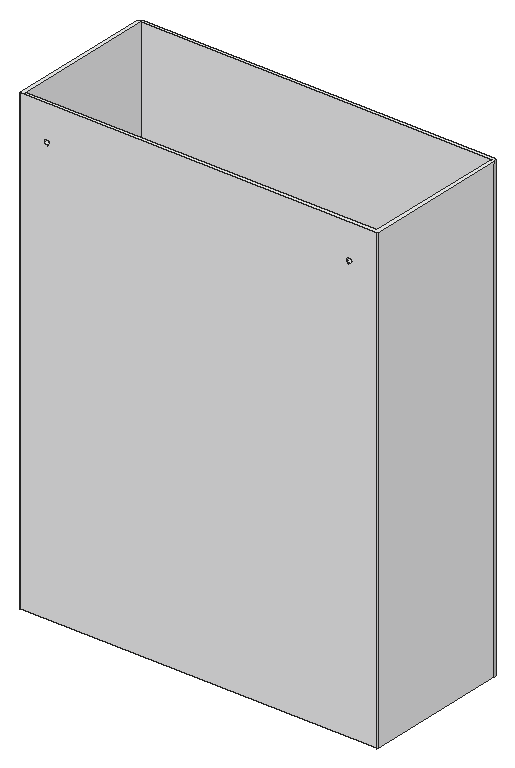
Revit family "706630001_Papelera Metálica", category Generic Models, host Wall, Revit 2019
Family settings
  Host = Wall
  Can host rebar = No
  Round Connector Dimension = Use Diameter
  Part Type = Normal
  OmniClass Number = 23.21.43.11.13
  OmniClass Title = Waste Paper Baskets
  Always vertical = Yes
  Cut with Voids When Loaded = No
  Shared = No
  Room Calculation Point = No
Parameters (values of type "Ref. 706630001 Papelera metálica")
  URL = "https://corona.co/productos/accesorios/papelera-metalica/p/706630001"
  Profundidad = 130 mm
  Peso Neto aprox = "2,6 kg. - 5,2 lbs."  # constant formula
  Peso Bruto aprox = "2,8 kg. - 5,6 lbs."  # constant formula
  Material = Corona_Acero inoxidable
  Manufacturer = "Corona"  # constant formula
  Garantía Acabados = "3 años"  # constant formula
  Garantía = "1 año"  # constant formula
  Fecha de creación = "22/07/2020"  # constant formula
  Dimensiones Generales (H x L x W) = "400 x 310 x 130 mm.\r\n15,7 x 12,2 x 5,1 pulg."  # constant formula
  Dimensiones Empacado (H x L x W) = "425 x 360 x 185 mm.\r\n16,7 x 14,2 x 7,3 pulg."  # constant formula
  Description = "Tamaño ajustado para adecuar en diferentes baños\r\n· Sistema de fijación extrema, ideal para instituciones de alto tráfico\r\n· Fabricación en acero inoxidable ofreciendo mayor calidad y servicio"  # constant formula
  Creado por = "IDD"  # constant formula
  Capacidad de volumen = "12 lts. - 3,2 gl."  # constant formula
  Capacidad de carga = "45 kg. - 99,2 lbs."  # constant formula
  Ancho = 310 mm
  Alto = 400 mm
Reference planes
  plane 1 "Wall": y = 0
  plane 2 "Center (Left/Right)": x = 125
  plane 3 "Back": y = 75
  plane 4: y = 205
  plane 5: x = 280
  plane 6: x = -30
  plane 7: z = 499
  plane 8: z = 469
  plane 9: y = 202
  plane 10: y = 78
  plane 11: x = -27
  plane 12: x = 277
  plane 13: z = 99
  plane 14: z = 102
  plane 15: x = 256
  plane 16: x = -6
Forms (mm)
  Extrusion 1, solid, material "Corona_Acero inoxidable" <- "Material", detail levels medium+fine
    sketch origin (0, 0, 0) x (1, 0, 0) y (0, 1, 0)
      loop
        arc (-26.374, 205) -> (-28.938, 203.938) -> (-30, 201.374) r 3.626
        line (-30, 201.374) -> (-30, 75.932)
        arc (-30, 75.932) -> (-29.727, 75.273) -> (-29.068, 75) r 0.932
        line (-29.068, 75) -> (279.068, 75)
        arc (279.068, 75) -> (279.727, 75.273) -> (280, 75.932) r 0.932
        line (280, 75.932) -> (280, 201.374)
        arc (280, 201.374) -> (278.938, 203.938) -> (276.374, 205) r 3.626
        line (276.374, 205) -> (-26.374, 205)
    from 99 to 499
  Extrusion 2, void, detail levels medium+fine
    sketch origin (0, 0, 0) x (1, 0, 0) y (0, 0, 1)
      loop
        line (-27, 102) -> (277, 102) -> (277, 499) -> (-27, 499) -> (-27, 102)
    from -202 to -78
  Extrusion 3, void, detail levels medium+fine
    sketch origin (0, 0, 0) x (1, 0, 0) y (0, 0, 1)
      loop
        circle (256, 469) r 2.25
      loop
        circle (-6, 469) r 2.25
    from -78 to -75
  Extrusion 4, solid, material "Corona_Acero inoxidable" <- "Material", detail levels medium+fine
    sketch origin (125, 0, 0) x (0, 1, 0) y (0, 0, 1)
      loop
        line (78, 499) -> (78, 495.513) -> (82.256, 489.435) -> (83.692, 490.871) -> (78, 499)
    from -152 to 152
  Extrusion 5, solid, material "Corona_Acero inoxidable" <- "Material", detail levels coarse
    sketch origin (0, 0, 0) x (1, 0, 0) y (0, 0, 1)
      loop
        line (280, 99) -> (280, 499) -> (-30, 499) -> (-30, 99) -> (280, 99)
    from -205 to -75
Cuts and joins
  Extrusion 2, Extrusion 3 cuts Extrusion 1
  joined: Extrusion 1, Extrusion 4
Text (mm)
  text "Placement Side" at (-1848.837, 1116.779, 0), in view "Ref. Level"
  text "Placement side" at (0, 1409.804, 2854.306), in view "Left"
  text "Placement side" at (0, 499.811, 2980.732), in view "Right"
Dimensions and locks
  locked: plane 3 "Back" to host wall
  equal spacing: plane 6, plane 2 "Center (Left/Right)", plane 5
  "Ancho": plane 6 to plane 5
  "Profundidad": plane 4 to plane 3 "Back"
  plane 13 to plane 7 = 400 mm
  plane 5 to Extrusion 5 = 310 mm
  plane 4 to plane 3 "Back" = 130 mm
  plane 7 to level = 499 mm
  plane 7 to plane 8 = 30 mm
  level to plane 13 = 99 mm
  plane 13 to level = 99 mm
  diameter of cut or joined group of Extrusion 1, Extrusion 2, Extrusion 3, Extrusion 4 = 4.5 mm  (x2)
  aligned and locked: plane 1 "Wall" to host wall
  aligned and locked: Extrusion 1 sketch curve to plane 4
  aligned and locked: plane 6 to Extrusion 1 sketch curve
  aligned and locked: host wall to Extrusion 1 sketch curve
  aligned and locked: Extrusion 2 sketch curve to plane 14
  aligned and locked: Extrusion 2 sketch curve to plane 11
  aligned and locked: plane 7 to Extrusion 2 sketch curve
  aligned and locked: plane 12 to Extrusion 2 sketch curve
  aligned and locked: plane 9 to Extrusion 2
  aligned and locked: Extrusion 2 to plane 10
  aligned and locked: plane 10 to Extrusion 3
  aligned and locked: Extrusion 3 to host wall
  aligned and locked: Extrusion 4 to plane 12
  aligned and locked: plane 11 to Extrusion 4
  aligned and locked: plane 4 to Extrusion 5
  aligned and locked: Extrusion 5 to host wall
Automatic sketch dimensions
  Extrusion 3 sketch curve to plane 8 = 0 mm  (x2)
  Extrusion 3 sketch curve to plane 16 = 0 mm
  plane 15 to Extrusion 3 sketch curve = 0 mm
  Extrusion 4 sketch curve to plane 7 = 0 mm
  Extrusion 4 sketch curve to plane 10 = 0 mm
  plane 10 to Extrusion 4 sketch curve = 4.256 mm
  Extrusion 4 sketch curve to Extrusion 4 sketch curve = 1.436 mm  (x2)
  Extrusion 4 sketch curve to plane 7 = 3.487 mm
  Extrusion 4 sketch curve to Extrusion 4 sketch curve = 4.642 mm
  Extrusion 1 sketch curve to plane 12 = 0.626 mm
  Extrusion 1 sketch curve to Extrusion 1 sketch curve = 0.932 mm  (x2)
  Extrusion 1 sketch curve to plane 9 = 0.626 mm
  Extrusion 5 sketch curve to plane 6 = 0 mm
  Extrusion 5 sketch curve to plane 7 = 0 mm
  Extrusion 5 sketch curve to plane 13 = 0 mm
  Extrusion 5 sketch curve to plane 5 = 0 mm
  Extrusion 1 sketch curve to plane 5 = 0.932 mm
  radius of Extrusion 3 sketch curve = 2.25 mm  (x2)
Nested families
  nested 1: "Family8" at (125, 75, 0), type "Family8"
  nested 2: "Family9" at (122.576, 0, 99) x (1, 0, 0) z (0, -1, 0), type "Family9"
  nested 3: "Family10" at (125, 140, 99) x (0, 1, 0) z (1, 0, 0), type "Family10"
Definition of nested family "Family8"
  Reference planes
    plane 1 "Center (Front/Back)": y = 0
    plane 2: z = 0
    plane 3 "Center (Left/Right)": x = 0
  Lines and regions (mm)
    detail lines, in view "Ref. Level"
      curve 1: line (-155, 130, 0) -> (155, 130, 0)
      curve 2: line (155, 130, 0) -> (155, 0, 0)
      curve 3: line (155, 0, 0) -> (-155, 0, 0)
      curve 4: line (-155, 0, 0) -> (-155, 130, 0)
      curve 5: line (-155, 65, 0) -> (155, 65, 0)
      curve 6: line (-152, 127, 0) -> (152, 127, 0)
      curve 7: line (152, 3, 0) -> (-152, 3, 0)
      curve 8: line (152, 127, 0) -> (152, 3, 0)
      curve 9: line (-152, 3, 0) -> (-152, 127, 0)
Definition of nested family "Family9"
  Reference planes
    plane 1 "Center (Front/Back)": y = 0
    plane 2: z = 0
    plane 3 "Center (Left/Right)": x = 0
  Lines and regions (mm)
    detail lines, in view "Ref. Level"
      curve 1: line (-152.576, 400, 0) -> (157.424, 400, 0)
      curve 2: line (157.424, 400, 0) -> (157.424, 0, 0)
      curve 3: line (157.424, 0, 0) -> (-152.576, 0, 0)
      curve 4: line (-152.576, 0, 0) -> (-152.576, 400, 0)
      curve 5: line (-149.576, 3, 0) -> (-149.576, 400, 0)
      curve 6: line (154.424, 400, 0) -> (154.424, 3, 0)
      curve 7: line (154.424, 3, 0) -> (-149.576, 3, 0)
      curve 8: circle (-128.576, 370, 0) r 2.25 normal (0, 0, 1)
      curve 9: circle (133.424, 370, 0) r 2.25 normal (0, 0, -1)
Definition of nested family "Family10"
  Reference planes
    plane 1 "Center (Front/Back)": y = 0
    plane 2: z = 0
    plane 3 "Center (Left/Right)": x = 0
  Lines and regions (mm)
    detail lines, in view "Ref. Level"
      curve 1: line (-65, 400, 0) -> (65, 400, 0)
      curve 2: line (65, 400, 0) -> (65, 0, 0)
      curve 3: line (65, 0, 0) -> (-65, 0, 0)
      curve 4: line (-65, 0, 0) -> (-65, 400, 0)
      curve 5: line (62, 3, 0) -> (-62, 3, 0)
      curve 6: line (62, 400, 0) -> (62, 3, 0)
      curve 7: line (-62, 3, 0) -> (-62, 400, 0)
